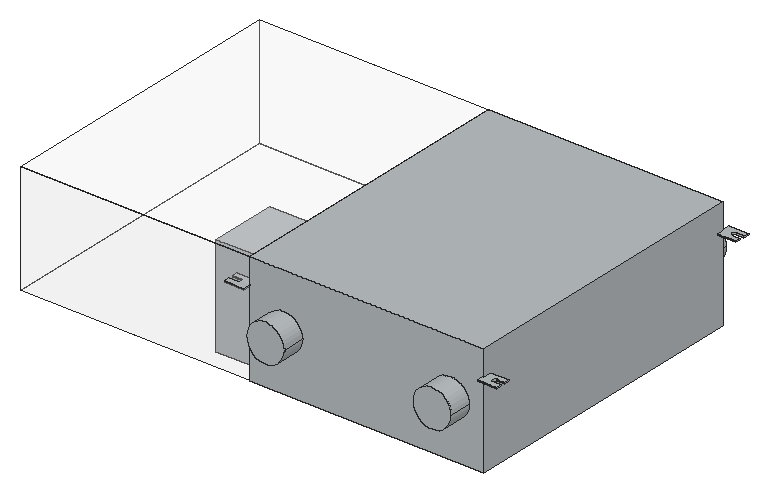
Revit family "lgh-n15_100rxw2_rxv2(d)_50Hz", category 機械設備, Revit 2019
Family settings
  丸型コネクタ寸法 = 直径を使用
  パーツ タイプ = 標準
  OmniClass 番号 = 23.75.10.34.21
  OmniClass タイトル = Heat Exchangers for Ventilation Air
  作業面ベース = いいえ
  常に垂直 = はい
  ロード時にボイドで切り取り = いいえ
  共有 = いいえ
  部屋計算ポイント = はい
Parameters (values of type "LGH-N15RXW2_100V")
  騒音レベル(dB(A)) = 31
  風量 = SMAX風量  # 150.0 m³/h
  面風速 = 5.31 m/s
  電源種別 [instance] = "一般"
  電圧 = 100 V
  電動機出力 = 0 W
  集中コントローラ = ""
  運転質量 = 0.00 kg
  連動 [instance] = ""
  質量 = if(製品質量 > 運転質量, 製品質量, 運転質量) * 1.2  # 26.40 kg
  負荷分類 = 3_ファン類
  説明 = "業務用ロスナイ 天井埋込形 DCマイコン"
  設計風量 = SMAX風量  # 150.0 m³/h
  設置方法 = "天井吊(隠ぺい)形"
  記号 [instance] = ""
  製造元 = "MITSIBISHI ELECTRIC"
  製品質量 = 22.00 kg
  製品出荷対象 = "国内"
  製品リリース年月 = "2023/5/15"
  製品グループ = ""
  系統 [instance] = ""
  符号 = "HEU"
  積算_科目 = "1 空気調和設備"
  積算_拾い区分 [instance] = ""
  相 = 1
  盤記号 [instance] = ""
  発停方法 [instance] = ""
  特殊仕様 [instance] = ""
  点検口高さ = -Height  # -290 mm
  点検口離隔 = 150 mm
  点検口_Depth = 450 mm
  点検口 = yes
  火災停止 [instance] = ""
  温度交換効率 = 74.00%
  消費電力 = 85 W
  法定耐用年数 = "15"
  機外静圧_排気 = SMAX静圧  # 210.0 Pa
  機外静圧 = SMAX静圧  # 210.0 Pa
  極数 = 2
  材質 [instance] = ""
  本体マテリアル = 溶融亜鉛めっき鋼板
  操作・制御方式 = ""
  操作・制御スイッチ = ""
  排気量 = SMAX風量  # 150.0 m³/h
  形式 = "天井埋込ダクト形"
  幹線記号 [instance] = ""
  対象室 [instance] = ""
  実風量 = SMAX風量  # 150.0 m³/h
  始動方式 [instance] = "直入"
  天吊金具_径 = 13 mm
  天吊金具_幅 = 20 mm
  外気量 = SMAX風量  # 150.0 m³/h
  呼称 = "全熱交換ユニット"
  周波数 = 50 Hz
  天吊金具ピッチ2 = 780 mm
  天吊金具ピッチ1 = 670 mm
  天吊金具_高さ = 65 mm
  参照している仕様書等のバージョン = "公共建築物標準仕様書（機械設備工事編）平成31年度版"
  初期抵抗 = 0.0 Pa
  分類コード = "50052504100070"
  分類グループ = ""
  価格 = 360000
  企業コード = "108420"
  付属品_フィルター_還気 = ""
  付属品_フィルター = ""
  付属品 [instance] = ""
  仕様書バージョン = "Version1.0"
  モデル = "LGH-N15RXW2"
  メンテナンススペース = yes
  ダクト径 = 100 mm
  コメント [instance] = ""
  Keynote = ""
  エンタルピ交換効率_暖房 = 75.50%
  エンタルピ交換効率_冷房 = 64.50%
  Assembly Code = ""
  Width = 610 mm
  Version = ""
  Uniclass2015Version = "Systems v1.9"
  Uniclass2015Title = "Thermal wheels"
  Uniclass2015Code = "Pr_60_60_36_88"
  URL = "https://www.mitsubishielectric.co.jp/ldg/wink/qr/002/324415/"
  SpecificationReference = ""
  SpecificationDescription = ""
  SMAX風量 = 150.0 m³/h
  SMAX静圧 = 210.0 Pa
  SAサイズ_D = 97.5 mm
  Revision = ""
  RAサイズ_D = 97.5 mm
  ProductInformation = ""
  OmniClassCode = "23-27 23 19 11"
  OAダクト接続口方向_標準 = yes
  OAダクト接続口方向_変更 = not(OAダクト接続口方向_標準)  # no
  OAサイズ_W = 0 mm
  OAサイズ_D = 97.5 mm
  MIN風量 = 66.0 m³/h
  MIN静圧 = 35.0 Pa
  MID風量 = 108.0 m³/h
  MID静圧 = 93.0 Pa
  MAX風量 = 150.0 m³/h
  MAX静圧 = 180.0 Pa
  IfcTypeProduct = ""
  IfcProduct = ""
  IfcExportType = "ROTARYWHEEL"
  IfcExportAs = "IfcAirToAirHeatRecoveryType"
  Height = 290 mm
  EAダクト接続口方向_変更 = not(EAダクト接続口方向_標準)  # no
  EAダクト接続口方向_標準 = yes
  EAサイズ_W = 0 mm
  EAサイズ_D = 97.5 mm
  Duct_Pitch = 435 mm
  Duct_Height = 145 mm
  Duct_Depth = 59 mm
  DuctChange_Center = 118 mm
  Depth = 780 mm
  Clearance Top = 0 mm
  Clearance Left = 600 mm
  Clearance Bottom = 0 mm
  Box_Width = 175 mm
  Box_Height = 261 mm
  Box_H = 15 mm
  Box_Depth = 115 mm
  Box_W = 33 mm
  Author = "MITSUBISHI ELECTRIC"
Types (14, lengths in mm): name | 騒音レベル(dB(A)) | 風量 | 面風速 | 電圧 | 質量 | 設計風量 | 製品質量 | 点検口高さ | 温度交換効率 | 消費電力 | 機外静圧_排気 | 機外静圧 | 極数 | 排気量 | 実風量 | 外気量 | 天吊金具ピッチ2 | 天吊金具ピッチ1 | 天吊金具_高さ | 参照している仕様書等のバージョン | 価格 | モデル | ダクト径 | エンタルピ交換効率_暖房 | エンタルピ交換効率_冷房 | Width | URL | SMAX風量 | SMAX静圧 | SAサイズ_D | RAサイズ_D | OAサイズ_D | MIN風量 | MIN静圧 | MID風量 | MID静圧 | MAX風量 | MAX静圧 | Height | EAサイズ_D | Duct_Pitch | Duct_Height | Duct_Depth | DuctChange_Center | Depth | Box_H | Box_W
  LGH-N15RXW2_100V | 31 | 150.0 m³/h | 5.31 m/s | 100 V | 26.40 kg | 150.0 m³/h | 22.00 kg | -290 | 74.00% | 85 W | 210.0 Pa | 210.0 Pa | 2 | 150.0 m³/h | 150.0 m³/h | 150.0 m³/h | 780 | 670 | 65 | "公共建築物標準仕様書（機械設備工事編）平成31年度版" | 360000 | "LGH-N15RXW2" | 100 | 75.50% | 64.50% | 610 | "https://www.mitsubishielectric.co.jp/ldg/wink/qr/002/324415/" | 150.0 m³/h | 210.0 Pa | 97.5 | 97.5 | 97.5 | 66.0 m³/h | 35.0 Pa | 108.0 m³/h | 93.0 Pa | 150.0 m³/h | 180.0 Pa | 290 | 97.5 | 435 | 145 | 59 | 118 | 780 | 15 | 33
  LGH-N15RXW2_200V | 31 | 150.0 m³/h | 5.31 m/s | 200 V | 26.40 kg | 150.0 m³/h | 22.00 kg | -290 | 74.00% | 85 W | 210.0 Pa | 210.0 Pa | 3 | 150.0 m³/h | 150.0 m³/h | 150.0 m³/h | 780 | 670 | 65 | "公共建築物標準仕様書（機械設備工事編）平成31年度版" | 360000 | "LGH-N15RXW2" | 100 | 75.50% | 64.50% | 610 | "https://www.mitsubishielectric.co.jp/ldg/wink/qr/002/324415/" | 150.0 m³/h | 210.0 Pa | 97.5 | 97.5 | 97.5 | 66.0 m³/h | 35.0 Pa | 108.0 m³/h | 93.0 Pa | 150.0 m³/h | 180.0 Pa | 290 | 97.5 | 435 | 145 | 59 | 118 | 780 | 15 | 33
  LGH-N25RXW2_100V | 30 | 250.0 m³/h | 3.93 m/s | 100 V | 27.60 kg | 250.0 m³/h | 23.00 kg | -290 | 70.00% | 110 W | 170.0 Pa | 170.0 Pa | 2 | 250.0 m³/h | 250.0 m³/h | 250.0 m³/h | 780 | 795 | 65 | "公共建築物標準仕様書（機械設備工事編）平成31年度版" | 392000 | "LGH-N25RXW2" | 150 | 73.00% | 63.00% | 735 | "https://www.mitsubishielectric.co.jp/ldg/wink/qr/002/324417/" | 250.0 m³/h | 170.0 Pa | 142 | 142 | 142 | 110.0 m³/h | 28.0 Pa | 180.0 m³/h | 75.0 Pa | 250.0 m³/h | 145.0 Pa | 290 | 142 | 520 | 145 | 69 | 118 | 780 | 15 | 33
  LGH-N25RXW2_200V | 30 | 250.0 m³/h | 3.93 m/s | 200 V | 27.60 kg | 250.0 m³/h | 23.00 kg | -290 | 70.00% | 110 W | 170.0 Pa | 170.0 Pa | 3 | 250.0 m³/h | 250.0 m³/h | 250.0 m³/h | 780 | 795 | 65 | "公共建築物標準仕様書（機械設備工事編）平成31年度版" | 392000 | "LGH-N25RXW2" | 150 | 73.00% | 63.00% | 735 | "https://www.mitsubishielectric.co.jp/ldg/wink/qr/002/324417/" | 250.0 m³/h | 170.0 Pa | 142 | 142 | 142 | 110.0 m³/h | 28.0 Pa | 180.0 m³/h | 75.0 Pa | 250.0 m³/h | 145.0 Pa | 290 | 142 | 520 | 145 | 69 | 118 | 780 | 15 | 33
  LGH-N35RXW2_100V | 33 | 350.0 m³/h | 5.5 m/s | 100 V | 38.40 kg | 350.0 m³/h | 32.00 kg | -330 | 71.50% | 210 W | 300.0 Pa | 300.0 Pa | 2 | 350.0 m³/h | 350.0 m³/h | 350.0 m³/h | 890 | 935 | 70 | "公共建築物標準仕様書（機械設備工事編）平成31年度版" | 432000 | "LGH-N35RXW2" | 150 | 74.50% | 65.50% | 875 | "https://www.mitsubishielectric.co.jp/ldg/wink/qr/002/324418/" | 350.0 m³/h | 300.0 Pa | 142 | 142 | 142 | 154.0 m³/h | 36.0 Pa | 252.0 m³/h | 96.0 Pa | 350.0 m³/h | 185.0 Pa | 330 | 142 | 600 | 165 | 69 | 140 | 890 | 23 | 68
  LGH-N35RXW2_200V | 33 | 350.0 m³/h | 5.5 m/s | 200 V | 38.40 kg | 350.0 m³/h | 32.00 kg | -330 | 71.50% | 210 W | 300.0 Pa | 300.0 Pa | 3 | 350.0 m³/h | 350.0 m³/h | 350.0 m³/h | 890 | 935 | 70 | "公共建築物標準仕様書（機械設備工事編）平成31年度版" | 432000 | "LGH-N35RXW2" | 150 | 74.50% | 65.50% | 875 | "https://www.mitsubishielectric.co.jp/ldg/wink/qr/002/324418/" | 350.0 m³/h | 300.0 Pa | 142 | 142 | 142 | 154.0 m³/h | 36.0 Pa | 252.0 m³/h | 96.0 Pa | 350.0 m³/h | 185.0 Pa | 330 | 142 | 600 | 165 | 69 | 140 | 890 | 23 | 68
  LGH-N50RXW2_100V | 37 | 500.0 m³/h | 4.42 m/s | 100 V | 43.20 kg | 500.0 m³/h | 36.00 kg | -330 | 71.00% | 315 W | 310.0 Pa | 310.0 Pa | 2 | 500.0 m³/h | 500.0 m³/h | 500.0 m³/h | 890 | 1080 | 70 | "公共建築物標準仕様書（機械設備工事編）平成31年度版" | 512000 | "LGH-N50RXW2" | 200 | 73.00% | 63.00% | 1020 | "https://www.mitsubishielectric.co.jp/ldg/wink/qr/002/324419/" | 500.0 m³/h | 310.0 Pa | 192 | 192 | 192 | 220.0 m³/h | 37.0 Pa | 360.0 m³/h | 98.0 Pa | 500.0 m³/h | 190.0 Pa | 330 | 192 | 700 | 165 | 84 | 130 | 890 | 23 | 68
  LGH-N50RXW2_200V | 37 | 500.0 m³/h | 4.42 m/s | 200 V | 43.20 kg | 500.0 m³/h | 36.00 kg | -330 | 71.00% | 315 W | 310.0 Pa | 310.0 Pa | 3 | 500.0 m³/h | 500.0 m³/h | 500.0 m³/h | 890 | 1080 | 70 | "公共建築物標準仕様書（機械設備工事編）平成31年度版" | 512000 | "LGH-N50RXW2" | 200 | 73.00% | 63.00% | 1020 | "https://www.mitsubishielectric.co.jp/ldg/wink/qr/002/324419/" | 500.0 m³/h | 310.0 Pa | 192 | 192 | 192 | 220.0 m³/h | 37.0 Pa | 360.0 m³/h | 98.0 Pa | 500.0 m³/h | 190.0 Pa | 330 | 192 | 700 | 165 | 84 | 130 | 890 | 23 | 68
  LGH-N65RXW2_100V | 40 | 650.0 m³/h | 5.75 m/s | 100 V | 50.40 kg | 650.0 m³/h | 42.00 kg | -404 | 71.50% | 445 W | 320.0 Pa | 320.0 Pa | 2 | 650.0 m³/h | 650.0 m³/h | 650.0 m³/h | 984 | 952 | 76 | "公共建築物標準仕様書（機械設備工事編）平成31年度版" | 588000 | "LGH-N65RXW2" | 200 | 72.00% | 63.00% | 892 | "https://www.mitsubishielectric.co.jp/ldg/wink/qr/002/324420/" | 650.0 m³/h | 320.0 Pa | 192 | 192 | 192 | 286.0 m³/h | 45.0 Pa | 468.0 m³/h | 119.0 Pa | 650.0 m³/h | 230.0 Pa | 404 | 192 | 620 | 202 | 84 | 122 | 984 | 57 | 71
  LGH-N65RXW2_200V | 40 | 650.0 m³/h | 5.75 m/s | 200 V | 50.40 kg | 650.0 m³/h | 42.00 kg | -404 | 71.50% | 445 W | 320.0 Pa | 320.0 Pa | 3 | 650.0 m³/h | 650.0 m³/h | 650.0 m³/h | 984 | 952 | 76 | "公共建築物標準仕様書（機械設備工事編）平成31年度版" | 588000 | "LGH-N65RXW2" | 200 | 72.00% | 63.00% | 892 | "https://www.mitsubishielectric.co.jp/ldg/wink/qr/002/324420/" | 650.0 m³/h | 320.0 Pa | 192 | 192 | 192 | 286.0 m³/h | 45.0 Pa | 468.0 m³/h | 119.0 Pa | 650.0 m³/h | 230.0 Pa | 404 | 192 | 620 | 202 | 84 | 122 | 984 | 57 | 71
  LGH-N80RXV2 | 40 | 800.0 m³/h | 4.53 m/s | 100 V | 62.40 kg | 800.0 m³/h | 52.00 kg | -404 | 73.00% | 540 W | 310.0 Pa | 310.0 Pa | 2 | 800.0 m³/h | 800.0 m³/h | 800.0 m³/h | 1144 | 1064 | 76 | "公共建築物標準仕様書（機械設備工事編）平成31年度版" | 700000 | "LGH-N80RXV2" | 250 | 75.00% | 65.00% | 1004 | "https://www.mitsubishielectric.co.jp/ldg/wink/qr/002/324421/" | 800.0 m³/h | 310.0 Pa | 242 | 242 | 242 | 352.0 m³/h | 37.0 Pa | 576.0 m³/h | 98.0 Pa | 800.0 m³/h | 190.0 Pa | 404 | 242 | 690 | 202 | 84 | 165 | 1144 | 88 | 146
  LGH-N80RXV2D | 40 | 800.0 m³/h | 4.53 m/s | 200 V | 62.40 kg | 800.0 m³/h | 52.00 kg | -404 | 73.00% | 540 W | 310.0 Pa | 310.0 Pa | 3 | 800.0 m³/h | 800.0 m³/h | 800.0 m³/h | 1144 | 1064 | 76 | "公共建築物標準仕様書（機械設備工事編）平成31年度版" | 700000 | "LGH-N80RXV2D" | 250 | 75.00% | 65.00% | 1004 | "https://www.mitsubishielectric.co.jp/ldg/wink/qr/002/324422/" | 800.0 m³/h | 310.0 Pa | 242 | 242 | 242 | 352.0 m³/h | 37.0 Pa | 576.0 m³/h | 98.0 Pa | 800.0 m³/h | 190.0 Pa | 404 | 242 | 690 | 202 | 84 | 165 | 1144 | 88 | 146
  LGH-N100RXV2 | 38 | 1000.0 m³/h | 5.66 m/s | 100 V | 68.40 kg | 1000.0 m³/h | 57.00 kg | -404 | 73.00% | 580 W | 225.0 Pa | 225.0 Pa | 2 | 1000.0 m³/h | 1000.0 m³/h | 1000.0 m³/h | 1144 | 1291 | 76 | "" | 799000 | "LGH-N100RXV2" | 250 | 75.00% | 65.00% | 1231 | "https://www.mitsubishielectric.co.jp/ldg/wink/qr/002/324412/" | 1000.0 m³/h | 225.0 Pa | 242 | 242 | 242 | 440.0 m³/h | 32.0 Pa | 720.0 m³/h | 86.0 Pa | 1000.0 m³/h | 165.0 Pa | 404 | 242 | 917 | 202 | 84 | 165 | 1144 | 88 | 146
  LGH-N100RXV2D | 38 | 1000.0 m³/h | 5.66 m/s | 200 V | 68.40 kg | 1000.0 m³/h | 57.00 kg | -404 | 73.00% | 580 W | 225.0 Pa | 225.0 Pa | 3 | 1000.0 m³/h | 1000.0 m³/h | 1000.0 m³/h | 1144 | 1291 | 76 | "" | 799000 | "LGH-N100RXV2D" | 250 | 75.00% | 65.00% | 1231 | "https://www.mitsubishielectric.co.jp/ldg/wink/qr/002/324413/" | 1000.0 m³/h | 225.0 Pa | 242 | 242 | 242 | 440.0 m³/h | 32.0 Pa | 720.0 m³/h | 86.0 Pa | 1000.0 m³/h | 165.0 Pa | 404 | 242 | 917 | 202 | 84 | 165 | 1144 | 88 | 146
Reference planes
  plane 1 "中心(正面/背面)": y = 0
  plane 2: z = 0
  plane 3 "中心(左/右)": x = 0
  plane 4: x = -305
  plane 5: x = 305
  plane 6: y = 390
  plane 7: y = -390
  plane 8: z = -290
  plane 9: z = -145
  plane 10: x = -217.5
  plane 11: x = 217.5
  plane 12: y = -449
  plane 13: y = 449
  plane 14: y = 272
  plane 15: x = -364
  plane 16: x = 364
  plane 17: x = -905
  plane 18: y = -357
  plane 19: y = -182
  plane 20: z = -15
  plane 21: z = -276
  plane 22: x = -420
  plane 23: x = -455
  plane 24: y = 225
  plane 25: x = -335
  plane 26: x = 335
  plane 27: y = 390
  plane 28: y = -390
  plane 29: y = -225
  plane 30: x = -355
  plane 31: y = 410
  plane 32: y = 370
  plane 33: y = -370
  plane 34: y = -410
  plane 35: z = -5
  plane 36: z = -65
  plane 37: z = -68
  plane 38: x = 355
  plane 39: z = -290
  plane 40: z = 0
Forms (mm)
  Extrusion 1, solid, material "溶融亜鉛めっき鋼板" <- "本体マテリアル", detail levels fine
    sketch origin (0, 0, 0) x (1, 0, 0) y (0, 1, 0)
      loop
        line (-305, 390) -> (-305, -390) -> (305, -390) -> (305, 390) -> (-305, 390)
    from 0 to -290
  Extrusion 2, solid, material "溶融亜鉛めっき鋼板" <- "本体マテリアル", detail levels fine
    sketch origin (510, -445, 0) x (-1, 0, 0) y (0, 0, -1)
      loop
        circle (292.5, 145) r 48.75
    from -55 to 4
  Extrusion 3, solid, material "溶融亜鉛めっき鋼板" <- "本体マテリアル", detail levels fine
    sketch origin (-305, -390, 0) x (0, 1, 0) y (0, 0, -1)
      loop
        line (208, 15) -> (208, 276) -> (33, 276) -> (33, 15) -> (208, 15)
    from 0 to 115
  Extrusion 4, solid, material "溶融亜鉛めっき鋼板" <- "本体マテリアル", detail levels fine
    sketch origin (0, 0, 0) x (1, 0, 0) y (0, 1, 0)
      loop
        line (-355, 410) -> (-355, 396.5) -> (-335, 396.5)
        arc (-335, 396.5) -> (-328.5, 390) -> (-335, 383.5) r 6.5
        line (-335, 383.5) -> (-355, 383.5) -> (-355, 370) -> (-305, 370) -> (-305, 410) -> (-355, 410)
    from -65 to -68
  Extrusion 5, solid, material "溶融亜鉛めっき鋼板" <- "本体マテリアル", detail levels fine
    sketch origin (0, 0, 0) x (1, 0, 0) y (0, 1, 0)
      loop
        line (-355, -410) -> (-305, -410) -> (-305, -370) -> (-355, -370) -> (-355, -383.5) -> (-335, -383.5)
        arc (-335, -383.5) -> (-328.5, -390) -> (-335, -396.5) r 6.5
        line (-335, -396.5) -> (-355, -396.5) -> (-355, -410)
    from -65 to -68
  Extrusion 6, solid, material "溶融亜鉛めっき鋼板" <- "本体マテリアル", detail levels fine
    sketch origin (0, 0, 0) x (-1, 0, 0) y (0, -1, 0)
      loop
        line (-355, 410) -> (-355, 396.5) -> (-335, 396.5)
        arc (-335, 396.5) -> (-328.5, 390) -> (-335, 383.5) r 6.5
        line (-335, 383.5) -> (-355, 383.5) -> (-355, 370) -> (-305, 370) -> (-305, 410) -> (-355, 410)
    from -65 to -68
  Extrusion 7, solid, material "溶融亜鉛めっき鋼板" <- "本体マテリアル", detail levels fine
    sketch origin (0, 0, 0) x (-1, 0, 0) y (0, -1, 0)
      loop
        line (-355, -410) -> (-305, -410) -> (-305, -370) -> (-355, -370) -> (-355, -383.5) -> (-335, -383.5)
        arc (-335, -383.5) -> (-328.5, -390) -> (-335, -396.5) r 6.5
        line (-335, -396.5) -> (-355, -396.5) -> (-355, -410)
    from -65 to -68
  Extrusion 8, solid, material "溶融亜鉛めっき鋼板" <- "本体マテリアル", visible <- "EAダクト接続口方向_標準", detail levels fine
    sketch origin (510, 445, 0) x (-1, 0, 0) y (0, 0, 1)
      loop
        circle (292.5, -145) r 48.75
    from -55 to 4
  Extrusion 9, solid, material "溶融亜鉛めっき鋼板" <- "本体マテリアル", visible <- "OAダクト接続口方向_標準", detail levels fine
    sketch origin (-510, 445, 0) x (1, 0, 0) y (0, 0, -1)
      loop
        circle (292.5, 145) r 48.75
    from -55 to 4
  Extrusion 10, solid, material "溶融亜鉛めっき鋼板" <- "本体マテリアル", detail levels fine
    sketch origin (-510, -445, 0) x (1, 0, 0) y (0, 0, 1)
      loop
        circle (292.5, -145) r 48.75
    from -55 to 4
  Extrusion 11, solid, material "溶融亜鉛めっき鋼板" <- "本体マテリアル", visible <- "EAダクト接続口方向_変更", detail levels fine
    sketch origin (0, 0, 0) x (0, 1, 0) y (0, 0, 1)
      loop
        circle (272, -145) r 48.75
    from 305 to 364
  Extrusion 12, solid, material "溶融亜鉛めっき鋼板" <- "本体マテリアル", visible <- "OAダクト接続口方向_変更", detail levels fine
    sketch origin (0, 0, 0) x (0, 1, 0) y (0, 0, -1)
      loop
        circle (272, 145) r 48.75
    from 305 to 364
Lines and regions (mm)
  Masking region 1, detail levels coarse+medium
    outline origin (1326.5, 29, 0) x (1, 0, 0) y (0, 1, 0)
      loop
        line (-1631.5, 361) -> (-1631.5, -419) -> (-1021.5, -419) -> (-1021.5, 361) -> (-1631.5, 361)
  symbolic lines, detail levels coarse+medium
    curve 1: line (0, 390, 0) -> (-305, 0, 0)
    curve 2: line (-305, 0, 0) -> (0, -390, 0)
    curve 3: line (0, -390, 0) -> (305, 0, 0)
    curve 4: line (305, 0, 0) -> (0, 390, 0)
Dimensions and locks
  equal spacing: plane 4, plane 3 "中心(左/右)", plane 5
  "Width": plane 4 to plane 5
  equal spacing: plane 6, plane 1 "中心(正面/背面)", plane 7
  "Depth": plane 6 to plane 7
  "Height": level to plane 8
  "Duct_Height": level to plane 9
  equal spacing: plane 11, plane 3 "中心(左/右)", plane 10
  "Duct_Pitch": plane 11 to plane 10
  "Duct_Depth": plane 13 to plane 6
  "Duct_Depth": plane 7 to plane 12
  "DuctChange_Center": plane 6 to plane 14
  "Duct_Depth": plane 5 to plane 16
  "Duct_Depth": plane 15 to plane 4
  "Clearance Left": plane 17 to plane 4
  "Box_H": level to plane 20
  "Box_Height": plane 20 to plane 21
  "Box_W": plane 18 to plane 7
  "Box_Width": plane 19 to plane 18
  "Box_Depth": plane 22 to plane 4
  "点検口離隔": plane 23 to plane 4
  equal spacing: plane 25, plane 3 "中心(左/右)", plane 26
  "天吊金具ピッチ1": plane 25 to plane 26
  equal spacing: plane 27, plane 1 "中心(正面/背面)", plane 28
  "天吊金具ピッチ2": plane 27 to plane 28
  equal spacing: plane 24, plane 1 "中心(正面/背面)", plane 29
  "点検口_Depth": plane 24 to plane 29
  equal spacing: plane 31, plane 27, plane 32
  locked: plane 31 to plane 32 at 40
  "天吊金具_幅": plane 30 to plane 25
  "天吊金具_高さ": level to plane 36
  locked: plane 36 to plane 37 at 3
  equal spacing: plane 33, plane 28, plane 34
  locked: plane 33 to plane 34 at 40
  "天吊金具_幅": plane 26 to plane 38
  "Clearance Bottom": plane 8 to plane 39
  "Clearance Top": plane 40 to level
  "RAサイズ_D": diameter of Extrusion 2 sketch curve
  "EAサイズ_D": diameter of Extrusion 8 sketch curve
  "OAサイズ_D": diameter of Extrusion 9 sketch curve
  "SAサイズ_D": diameter of Extrusion 10 sketch curve
  "EAサイズ_D": diameter of Extrusion 11 sketch curve
  "EAサイズ_D": diameter of Extrusion 12 sketch curve
  "天吊金具_径": diameter of Extrusion 5 sketch curve
  "天吊金具_径": diameter of Extrusion 6 sketch curve
  "天吊金具_径": diameter of Extrusion 7 sketch curve
  "天吊金具_径": diameter of Extrusion 4 sketch curve
  aligned and locked: level to plane 2
  aligned and locked: Extrusion 1 to plane 8
  aligned and locked: plane 7 to Extrusion 2
  aligned and locked: Extrusion 2 to plane 12
  aligned and locked: plane 17 to nested 1
  aligned and locked: plane 4 to nested 1
  aligned and locked: nested 1 to plane 6
  aligned and locked: nested 1 to plane 7
  aligned and locked: Extrusion 3 to plane 22
  aligned and locked: plane 4 to Extrusion 3
  aligned and locked: Masking region 1 to plane 4
  aligned and locked: plane 5 to Masking region 1
  aligned and locked: plane 6 to Masking region 1
  aligned and locked: Masking region 1 to plane 7
  aligned and locked: plane 26 to nested 2
  aligned and locked: plane 25 to nested 2
  aligned and locked: nested 2 to plane 28
  aligned and locked: plane 27 to nested 2
  aligned and locked: Extrusion 3 to plane 19
  aligned and locked: Extrusion 3 to plane 21
  aligned and locked: plane 20 to Extrusion 3
  aligned and locked: plane 18 to Extrusion 3
  aligned and locked: plane 23 to nested 3
  aligned and locked: plane 17 to nested 3
  aligned and locked: plane 24 to nested 3
  aligned and locked: nested 3 to plane 29
  aligned and locked: plane 4 to Extrusion 4
  aligned and locked: Extrusion 4 to plane 30  (x2)
  aligned and locked: plane 31 to Extrusion 4
  aligned and locked: Extrusion 4 to plane 36
  aligned and locked: Extrusion 4 to plane 37
  aligned and locked: plane 4 to Extrusion 5
  aligned and locked: plane 33 to Extrusion 5
  aligned and locked: Extrusion 5 to plane 34
  aligned and locked: Extrusion 5 to plane 30  (x2)
  aligned and locked: Extrusion 5 to Extrusion 4  (x2)
  aligned and locked: Extrusion 7 to plane 38  (x2)
  aligned and locked: Extrusion 7 to plane 32
  aligned and locked: plane 31 to Extrusion 7
  aligned and locked: Extrusion 6 to plane 38
  aligned and locked: Extrusion 6 to plane 34
  aligned and locked: Extrusion 6 to plane 5
  aligned and locked: plane 33 to Extrusion 6
  aligned and locked: Extrusion 6 to plane 37
  aligned and locked: plane 36 to Extrusion 6
  aligned and locked: Extrusion 7 to plane 37
  aligned and locked: plane 36 to Extrusion 7
  aligned and locked: plane 13 to Extrusion 8
  aligned and locked: Extrusion 8 to plane 6
  aligned and locked: plane 13 to Extrusion 9
  aligned and locked: Extrusion 9 to plane 6
  aligned and locked: Extrusion 10 to plane 12
  aligned and locked: plane 7 to Extrusion 10
  aligned and locked: plane 16 to Extrusion 11
  aligned and locked: Extrusion 11 to plane 5
  aligned and locked: plane 4 to Extrusion 12
  aligned and locked: Extrusion 12 to plane 15
  aligned and locked: plane 39 to nested 1
  aligned and locked: plane 40 to nested 1
Automatic sketch dimensions
  plane 1 "中心(正面/背面)" to curve 1 = 0 mm
  curve 1 to plane 4 = 0 mm
  curve 2 to plane 3 "中心(左/右)" = 0 mm
  curve 4 to plane 3 "中心(左/右)" = 0 mm
  plane 1 "中心(正面/背面)" to curve 4 = 0 mm
  curve 4 to plane 5 = 0 mm
  curve 2 to plane 7 = 0 mm
  curve 4 to plane 6 = 0 mm
  Extrusion 1 sketch curve to plane 4 = 0 mm
  Extrusion 1 sketch curve to plane 5 = 0 mm
  Extrusion 1 sketch curve to plane 7 = 0 mm
  Extrusion 1 sketch curve to plane 6 = 0 mm
  Extrusion 2 sketch curve to plane 9 = 0 mm
  Extrusion 2 sketch curve to plane 11 = 0 mm
  Extrusion 3 sketch curve to Extrusion 1 = 33 mm
  Extrusion 1 to Extrusion 3 sketch curve = 14 mm
  Extrusion 3 sketch curve to Extrusion 3 sketch curve = 175 mm
  Extrusion 1 to Extrusion 3 sketch curve = 15 mm
  Masking region 1 sketch curve to plane 4 = 0 mm
  Masking region 1 sketch curve to plane 5 = 0 mm
  Masking region 1 sketch curve to plane 7 = 0 mm
  Masking region 1 sketch curve to plane 6 = 0 mm
  Extrusion 8 sketch curve to plane 9 = 0 mm
  Extrusion 8 sketch curve to plane 11 = 0 mm
  Extrusion 9 sketch curve to plane 9 = 0 mm
  Extrusion 9 sketch curve to plane 10 = 0 mm
  Extrusion 10 sketch curve to plane 9 = 0 mm
  Extrusion 10 sketch curve to plane 10 = 0 mm
  Extrusion 11 sketch curve to plane 9 = 0 mm
  Extrusion 11 sketch curve to plane 14 = 0 mm
  Extrusion 12 sketch curve to plane 9 = 0 mm
  Extrusion 12 sketch curve to plane 14 = 0 mm
  Extrusion 4 sketch curve to plane 30 = 0 mm  (x2)
  Extrusion 4 sketch curve to plane 25 = 0 mm
  Extrusion 4 sketch curve to plane 4 = 0 mm
  Extrusion 4 sketch curve to plane 32 = 0 mm
  Extrusion 4 sketch curve to plane 6 = 0 mm
  Extrusion 4 sketch curve to plane 31 = 0 mm
  Extrusion 5 sketch curve to plane 30 = 0 mm  (x2)
  Extrusion 5 sketch curve to plane 25 = 0 mm
  Extrusion 5 sketch curve to plane 4 = 0 mm
  Extrusion 5 sketch curve to plane 33 = 0 mm
  Extrusion 5 sketch curve to plane 7 = 0 mm
  Extrusion 5 sketch curve to plane 34 = 0 mm
  Extrusion 6 sketch curve to plane 34 = 0 mm
  Extrusion 6 sketch curve to plane 38 = 0 mm  (x2)
  Extrusion 6 sketch curve to plane 26 = 0 mm
  Extrusion 6 sketch curve to plane 5 = 0 mm
  Extrusion 6 sketch curve to plane 33 = 0 mm
  Extrusion 6 sketch curve to plane 7 = 0 mm
  Extrusion 7 sketch curve to plane 31 = 0 mm
  Extrusion 7 sketch curve to plane 38 = 0 mm  (x2)
  Extrusion 7 sketch curve to plane 26 = 0 mm
  Extrusion 7 sketch curve to plane 5 = 0 mm
  Extrusion 7 sketch curve to plane 32 = 0 mm
  Extrusion 7 sketch curve to plane 6 = 0 mm
Nested families
  nested 1: "メンテナンススペース" at (-605, 0, -145), visible <- "メンテナンススペース", type "メンテナンススペース"
    with Width 600 mm, Height 290 mm, Depth 780 mm
  nested 2: "固定点" at (-335, -390, 0), type "固定点"
    with W 670 mm, D 780 mm
  nested 3: "点検口設置範囲" at (-680, 0, -290), built-in parameter 1001364 <- "点検口高さ", visible <- "点検口", type "点検口設置範囲"
    with Width 450 mm, Depth 450 mm
Connectors
  hvac at (217.5, -449, -145), driven by "ダクト径", driven by "機外静圧", driven by "風量"
    settings: on Extrusion 2, index 2, duct flow 150.0 m³/h, flow factor 0, pres drop 210.0 Pa, loss coef 0, conn angle 0.00°, conn width 304.8 mm, conn height 304.8 mm, conn diameter 100 mm, duct sys type 2, conn prof type 0, flow config 0, flow direction 1, loss method 4, conn ref index -1, conn util no, is conn primary yes, conn desc ""
  electrical at (-362.5, -357, -145.5), driven by "負荷分類", driven by "相", driven by "電圧", driven by "消費電力"
    settings: on Extrusion 3, index 7, voltage 100 V, apparent load 85 VA, apparent load phase1 0 VA, apparent load phase2 0 VA, apparent load phase3 0 VA, power factor 1, load classification "3_ファン類", number of poles 1, system type 30, power factor state 1, is connector primary yes, connector utility no, sub classification motor no, connector description ""
  hvac at (217.5, 449, -145), driven by "ダクト径", driven by "排気量", driven by "機外静圧_排気"
    settings: on Extrusion 8, index 8, duct flow 150.0 m³/h, flow factor 0, pres drop 210.0 Pa, loss coef 0, conn angle 0.00°, conn width 304.8 mm, conn height 304.8 mm, conn diameter 100 mm, duct sys type 3, conn prof type 0, flow config 0, flow direction 2, loss method 4, conn ref index -1, conn util no, is conn primary no, conn desc ""
  hvac at (-217.5, 449, -145), driven by "ダクト径", driven by "外気量", driven by "機外静圧"
    settings: on Extrusion 9, index 9, duct flow 150.0 m³/h, flow factor 0, pres drop 210.0 Pa, loss coef 0, conn angle 0.00°, conn width 304.8 mm, conn height 304.8 mm, conn diameter 100 mm, duct sys type 4, conn prof type 0, flow config 0, flow direction 1, loss method 4, conn ref index -1, conn util no, is conn primary no, conn desc ""
  hvac at (-217.5, -449, -145), driven by "ダクト径", driven by "風量", driven by "機外静圧"
    settings: on Extrusion 10, index 10, duct flow 150.0 m³/h, flow factor 0, pres drop 210.0 Pa, loss coef 0, conn angle 0.00°, conn width 304.8 mm, conn height 304.8 mm, conn diameter 100 mm, duct sys type 1, conn prof type 0, flow config 0, flow direction 2, loss method 4, conn ref index -1, conn util no, is conn primary no, conn desc ""
  hvac at (364, 272, -145), driven by "ダクト径", driven by "機外静圧_排気", driven by "排気量"
    settings: on Extrusion 11, index 11, duct flow 150.0 m³/h, flow factor 0, pres drop 210.0 Pa, loss coef 0, conn angle 0.00°, conn width 304.8 mm, conn height 304.8 mm, conn diameter 100 mm, duct sys type 3, conn prof type 0, flow config 0, flow direction 2, loss method 4, conn ref index -1, conn util no, is conn primary no, conn desc ""
  hvac at (-364, 272, -145), driven by "ダクト径", driven by "機外静圧", driven by "外気量"
    settings: on Extrusion 12, index 12, duct flow 150.0 m³/h, flow factor 0, pres drop 210.0 Pa, loss coef 0, conn angle 0.00°, conn width 304.8 mm, conn height 304.8 mm, conn diameter 100 mm, duct sys type 4, conn prof type 0, flow config 0, flow direction 1, loss method 4, conn ref index -1, conn util no, is conn primary no, conn desc ""
Definition of nested family "メンテナンススペース"
  Parameters (values of type "メンテナンススペース")
    Width [instance] = 500 mm
    Height [instance] = 500 mm
    Depth [instance] = 500 mm
  Reference planes
    plane 1 "中心(正面/背面)": y = 0
    plane 2: z = 0
    plane 3 "中心(左/右)": x = 0
    plane 4: y = -250
    plane 5: x = 250
    plane 6: y = 250
    plane 7: x = -250
    plane 8: z = 250
    plane 9: z = -250
  Forms (mm)
    Extrusion 1, solid
      sketch origin (-638.939, 0, 72.39) x (1, 0, 0) y (0, 1, 0)
        loop
          line (388.939, 250) -> (388.939, -250) -> (888.939, -250) -> (888.939, 250) -> (388.939, 250)
      from -322.39 to 177.61
  Lines and regions (mm)
    symbolic lines
      curve 1: line (-250, 0, 250) -> (250, 0, 250)
      curve 2: line (-250, 0, -250) -> (-250, 0, 250)
      curve 3: line (250, 0, -250) -> (-250, 0, -250)
      curve 4: line (250, 0, 250) -> (250, 0, -250)
      curve 5: line (0, -250, 250) -> (0, 250, 250)
      curve 6: line (0, -250, -250) -> (0, -250, 250)
      curve 7: line (0, 250, -250) -> (0, -250, -250)
      curve 8: line (0, 250, 250) -> (0, 250, -250)
      curve 9: line (-250, 250, 0) -> (250, 250, 0)
      curve 10: line (-250, -250, 0) -> (-250, 250, 0)
      curve 11: line (250, -250, 0) -> (-250, -250, 0)
      curve 12: line (250, 250, 0) -> (250, -250, 0)
  Dimensions and locks
    equal spacing: plane 7, plane 3 "中心(左/右)", plane 5
    equal spacing: plane 4, plane 1 "中心(正面/背面)", plane 6
    "Depth": plane 4 to plane 6
    "Width": plane 7 to plane 5
    equal spacing: plane 8, plane 2, plane 9
    "Height": plane 8 to plane 9
    aligned and locked: plane 9 to curve 3
    aligned and locked: plane 7 to curve 2
    aligned and locked: curve 4 to plane 5
    aligned and locked: plane 5 to Extrusion 1
    aligned and locked: Extrusion 1 to plane 7
    aligned and locked: Extrusion 1 to plane 9
    aligned and locked: plane 8 to Extrusion 1
    aligned and locked: plane 9 to curve 7
  Automatic sketch dimensions
    plane 4 to Extrusion 1 sketch curve = 0 mm
    Extrusion 1 sketch curve to plane 7 = 0 mm
    Extrusion 1 sketch curve to plane 5 = 0 mm
    plane 6 to Extrusion 1 sketch curve = 0 mm
    curve 2 to plane 8 = 0 mm
    plane 4 to curve 11 = 0 mm
    curve 11 to plane 7 = 0 mm
    curve 11 to plane 5 = 0 mm
    plane 6 to curve 10 = 0 mm
    curve 7 to plane 4 = 0 mm
    curve 7 to plane 6 = 0 mm
    curve 6 to plane 8 = 0 mm
Definition of nested family "固定点"
  Parameters (values of type "固定点")
    中心円 = 20 mm
    W [instance] = 1000 mm
    D [instance] = 1000 mm
  Reference planes
    plane 1 "中心(正面/背面)": y = 0
    plane 2: z = 0
    plane 3 "中心(左/右)": x = 0
    plane 4: x = 1000
    plane 5: y = 1000
  Lines and regions (mm)
    symbolic lines, detail levels fine
      curve 1: circle (0, 1000, 0) r 10 normal (0, 0, 1)
      curve 2: circle (0, 0, 0) r 10 normal (0, 0, 1)
      curve 3: circle (1000, 1000, 0) r 10 normal (0, 0, 1)
      curve 4: circle (1000, 0, 0) r 10 normal (0, 0, 1)
      curve 5: line (-200, 1000, 0) -> (1200, 1000, 0)
      curve 6: line (-200, 0, 0) -> (1200, 0, 0)
      curve 7: line (0, 1200, 0) -> (0, -200, 0)
      curve 8: line (1000, 1200, 0) -> (1000, -200, 0)
  Dimensions and locks
    "W": plane 3 "中心(左/右)" to plane 4
    "D": plane 1 "中心(正面/背面)" to plane 5
    "中心円": diameter of curve 1
    "中心円": diameter of curve 2
    "中心円": diameter of curve 3
    "中心円": diameter of curve 4
    aligned and locked: level to plane 2
    aligned and locked: plane 5 to curve 1
    aligned and locked: plane 3 "中心(左/右)" to curve 1
    aligned and locked: plane 3 "中心(左/右)" to curve 2
    aligned and locked: plane 1 "中心(正面/背面)" to curve 2
    aligned and locked: plane 4 to curve 3
    aligned and locked: plane 5 to curve 3
    aligned and locked: plane 1 "中心(正面/背面)" to curve 4
    aligned and locked: plane 4 to curve 4
    aligned and locked: plane 1 "中心(正面/背面)" to curve 6
    aligned and locked: curve 7 to plane 3 "中心(左/右)"
    aligned and locked: curve 8 to plane 4
  Automatic sketch dimensions
    curve 5 to plane 5 = 0 mm
    curve 6 to plane 3 "中心(左/右)" = 200 mm
    curve 5 to plane 3 "中心(左/右)" = 200 mm
    curve 4 to curve 6 = 200 mm
    curve 3 to curve 5 = 200 mm
    plane 1 "中心(正面/背面)" to curve 8 = 200 mm
    plane 1 "中心(正面/背面)" to curve 7 = 200 mm
    curve 3 to curve 8 = 200 mm
    curve 1 to curve 7 = 200 mm
Definition of nested family "点検口設置範囲"
  Parameters (values of type "点検口設置範囲")
    Width [instance] = 1000 mm
    Depth [instance] = 700 mm
  Reference planes
    plane 1 "中心(正面/背面)": y = 0
    plane 2: z = 0
    plane 3 "中心(左/右)": x = 0
    plane 4: x = -500
    plane 5: x = 500
    plane 6: y = -350
    plane 7: y = 350
  Lines and regions (mm)
    model lines
      curve 1: line (-500, 350, 0) -> (500, 350, 0)
      curve 2: line (-500, -350, 0) -> (-500, 350, 0)
      curve 3: line (500, -350, 0) -> (-500, -350, 0)
      curve 4: line (500, 350, 0) -> (500, -350, 0)
  Dimensions and locks
    "Depth": plane 7 to plane 6
    "Width": plane 4 to plane 5
    equal spacing: plane 7, plane 1 "中心(正面/背面)", plane 6
    equal spacing: plane 4, plane 3 "中心(左/右)", plane 5
    aligned and locked: level to plane 2
    aligned and locked: plane 4 to curve 2
    aligned and locked: curve 1 to plane 7
    aligned and locked: curve 4 to plane 5
    aligned and locked: plane 6 to curve 3
